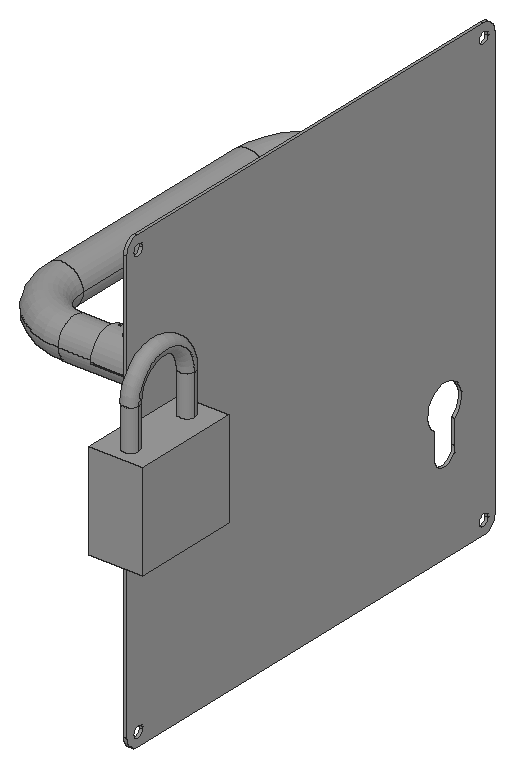
Revit family "TH 120 BP RES with padlock", category Specialty Equipment, Revit 2014
Parameters
  Type Comments = "DORMA TH120/BP"
  Model = "TH120/BP"
  Manufacturer = "DORMA"
  Description = "DORMA TH120/BP"
Reference planes
  plane 1 "Center (Front/Back)": y = 0
  plane 2: z = -27.5
  plane 3 "Center (Left/Right)": x = 0
  plane 4: x = -28.668
  plane 5: y = -130
  plane 6: z = -23.076
  plane 7: z = -13.16
  plane 8: z = -38.076
  plane 9: y = -133.061
  plane 10: y = -153.034
Forms (mm)
  Sweep 1, solid, material "Matt chrome"
    path origin (-3.325, 0, -27.5) x (1, 0, 0) y (0, 1, 0)
      loop
        line (-16.544, 0) -> (-48.5, 0)
        arc (-48.5, 0) -> (-64.056, -6.444) -> (-70.5, -22) r 22
        line (-70.5, -22) -> (-70.5, -107.77)
        arc (-70.5, -107.77) -> (-63.989, -123.489) -> (-48.27, -130) r 22.23
        line (-48.27, -130) -> (-18.728, -130)
    profile origin (-35.847, 0, -27.5) x (0, -1, 0) y (0, 0, 1)
      loop
        circle (0, 0) r 7.5
  Sweep 2, solid, material "Matt chrome"
    path origin (6.787, 0, 0) x (1, 0, 0) y (0, 1, 0)
      loop
        line (-26.655, 12.113) -> (-25.5, 12.113)
    profile origin (-19.291, 12.113, 0) x (0, 1, 0) y (0, 0, 1)
      loop
        arc (11.13, 18.35) -> (9.665, 21.885) -> (6.13, 23.35) r 5
        line (6.13, 23.35) -> (-153.87, 23.35)
        arc (-153.87, 23.35) -> (-157.406, 21.885) -> (-158.87, 18.35) r 5
        line (-158.87, 18.35) -> (-158.87, -141.65)
        arc (-158.87, -141.65) -> (-157.406, -145.186) -> (-153.87, -146.65) r 5
        line (-153.87, -146.65) -> (6.13, -146.65)
        arc (6.13, -146.65) -> (9.665, -145.186) -> (11.13, -141.65) r 5
        line (11.13, -141.65) -> (11.13, 18.35)
      loop
        circle (6.13, -141.65) r 2.206
      loop
        circle (-153.87, -141.65) r 2.206
      loop
        circle (-153.87, 18.35) r 2.206
      loop
        circle (6.13, 18.35) r 2.206
  Extrusion 3, void
    sketch origin (-465.365, -27.974, -132.899) x (0, -1, 0) y (0, 0, -1)
      loop
        arc (-33.108, -30.79) -> (-28.108, -44.964) -> (-23.108, -30.79) r 7.969
        line (-23.108, -30.79) -> (-23.108, -21.777)
        arc (-23.108, -21.777) -> (-28.108, -16.777) -> (-33.108, -21.777) r 5
        line (-33.108, -21.777) -> (-33.108, -30.79)
    from 431.45 to 455.365
  Extrusion 4, solid, material "Matt chrome"
    sketch origin (0, 0, 0) x (0, 1, 0) y (0, 0, 1)
      loop
        arc (-138, -27.5) -> (-130, -19.5) -> (-122, -27.5) r 8
        arc (-122, -27.5) -> (-121.6, -27.9) -> (-121.2, -27.5) r 0.4
        arc (-121.2, -27.5) -> (-130, -18.7) -> (-138.8, -27.5) r 8.8
        arc (-138.8, -27.5) -> (-138.4, -27.9) -> (-138, -27.5) r 0.4
    from -38.611 to -19.868
  Extrusion 5, void
    sketch origin (0, 0, -27.5) x (1, 0, 0) y (0, 1, 0)
      loop
        circle (-28.668, -130) r 4
    from -11.936 to 15.354
  Extrusion 6, solid, material "Matt chrome"
    sketch origin (0, 134.283, -20.07) x (0, 1, 0) y (0, 0, 1)
      loop
        line (-257.343, -54.005) -> (-257.343, -18.005) -> (-297.343, -18.005) -> (-297.343, -54.005) -> (-257.343, -54.005)
    from 0 to -19.868
  Sweep 7, solid, material "Matt chrome"
    path origin (0, 134.283, -20.07) x (0, 1, 0) y (0, 0, 1)
      loop
        line (-264.343, -18.005) -> (-264.343, -3.005)
        arc (-264.343, -3.005) -> (-277.343, 9.995) -> (-290.343, -3.005) r 13
        line (-290.343, -3.005) -> (-290.343, -18.005)
    profile origin (0, -143.061, -10.076) x (0, 0, -1) y (1, 0, 0)
      loop
        circle (0, -10) r 3
Cuts and joins
  Extrusion 3 cuts Sweep 2
  Extrusion 5 cuts Extrusion 4
  Extrusion 5 cuts Sweep 1
Dimensions and locks
  Extrusion 6 to Extrusion 6 = 19.868 mm
  plane 9 to plane 10 = 19.973 mm
  plane 7 to Extrusion 6 = 24.916 mm
  Extrusion 6 to Extrusion 6 = 40 mm
  aligned and locked: level to plane 2
